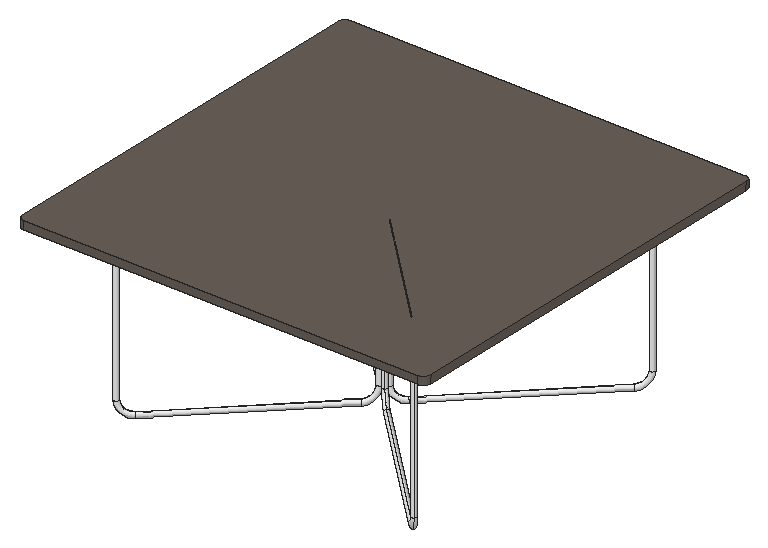
Revit family "Table-Large_Square-Teknion-STKTL_Kogen-R2013", category Furniture, Revit 2013
Parameters (values of type "17 1/2" High")
  Width = 3' - 4"  # constant formula
  Warranty = "http://www.teknionstudio.com/pdfs/Teknion%20Studio%20Warranty.pdf"
  Unit Weight = 51.00 lbf
  URL = "www.teknionstudio.com"
  Table Top Finish [instance] = Veneer - Teknion - WD - Dark Walnut
  Series = "Teknion Studio"
  Salvage or Reuse = yes
  Product Page URL = "http://teknionstudio.com/teknionstudio/"
  Product Line = "Kogen"
  Product Documentation Link = "http://www.teknionstudio.com/pricing/STKTL_ppg.pdf"
  Part Number = "STKTL"
  Model = "STKTLA"
  Manufacturer Phone = "919-464-2920"
  Manufacturer Fax = "919-464-2927"
  Manufacturer Email = "mailto:customersupport@teknionstudio.com"
  Manufacturer Address = "3940 US 70 Business HWY West, Clayton, NC 27520"
  Manufacturer = "Teknion Studio"  # constant formula
  Height = 1' - 6"
  Description = "Kogen Large Square Table 17 1/2\"\"h"
  Depth = Width  # 3' - 4"
  Assembly Code = "E2020200"
Reference planes (in)
  plane 1 "Center F/B": y = 0
  plane 2: z = 0
  plane 3 "Center L/R": x = 0
  plane 4 "Left": x = -20
  plane 5 "Right": x = 20
  plane 6 "Back": y = 20
  plane 7 "Front": y = -20
  plane 8 "Top": z = 18
  plane 9 "Table Bottom": z = 17.25
  plane 10 "Beam Bottom": z = 17.125
  plane 11 "Center SE": through (9.91341, -9.91341, 10.75094) normal (0.7071, 0.7071, 0)
  plane 12 "Center SW": through (-7.874, -7.874, 48) normal (-0.7071, 0.7071, 0)
Forms (in)
  Extrusion 1, solid, material "Veneer - Teknion - WD - Dark Walnut" <- "Table Top Finish"
    sketch origin (0, 0, 0) x (1, 0, 0) y (0, 1, 0)
      loop
        arc (-19.27061, 20) -> (-19.78637, 19.78637) -> (-20, 19.27061) r 0.72939
        line (-20, 19.27061) -> (-20, -19.27061)
        arc (-20, -19.27061) -> (-19.78637, -19.78637) -> (-19.27061, -20) r 0.72939
        line (-19.27061, -20) -> (19.27061, -20)
        arc (19.27061, -20) -> (19.78637, -19.78637) -> (20, -19.27061) r 0.72939
        line (20, -19.27061) -> (20, 19.27061)
        arc (20, 19.27061) -> (19.78637, 19.78637) -> (19.27061, 20) r 0.72939
        line (19.27061, 20) -> (-19.27061, 20)
    from 17.25 to 18
  Sweep 2, solid, material "Metal - Teknion - C6 - Chrome"
    path origin (0, 0, 0) x (-0.707107, -0.707107, 0) y (0, 0, 1)
      loop
        line (-1.82485, 17.00794) -> (-19.17955, 17.00794)
        arc (-19.17955, 17.00794) -> (-20.19954, 16.58545) -> (-20.62203, 15.56546) r 1.44248
        line (-20.62203, 15.56546) -> (-20.62203, 1.68454)
        arc (-20.62203, 1.68454) -> (-20.19954, 0.66455) -> (-19.17955, 0.24206) r 1.44248
        line (-19.17955, 0.24206) -> (-1.82485, 0.24206)
        arc (-1.82485, 0.24206) -> (-0.8052, 0.66441) -> (-0.38285, 1.68406) r 1.442
        line (-0.38285, 1.68406) -> (-0.38285, 15.56594)
        arc (-0.38285, 15.56594) -> (-0.8052, 16.58559) -> (-1.82485, 17.00794) r 1.442
    profile origin (7.42618, 7.42618, 17.00794) x (0, 0, -1) y (-0.707107, 0.707107, 0)
      loop
        circle (0, 0) r 0.24206
  Sweep 3, solid, material "Metal - Teknion - C6 - Chrome"
    path origin (0, 0, 0) x (0, 0, 1) y (0.707107, -0.707107, 0)
      loop
        line (17.00794, 1.82882) -> (17.00794, 19.17606)
        arc (17.00794, 19.17606) -> (16.58443, 20.19852) -> (15.56197, 20.62203) r 1.44597
        line (15.56197, 20.62203) -> (1.68454, 20.62203)
        arc (1.68454, 20.62203) -> (0.66455, 20.19954) -> (0.24206, 19.17955) r 1.44248
        line (0.24206, 19.17955) -> (0.24206, 1.82485)
        arc (0.24206, 1.82485) -> (0.66441, 0.8052) -> (1.68406, 0.38285) r 1.442
        line (1.68406, 0.38285) -> (15.56197, 0.38285)
        arc (15.56197, 0.38285) -> (16.58443, 0.80636) -> (17.00794, 1.82882) r 1.44597
    profile origin (7.42635, -7.42635, 17.00794) x (0, 0, -1) y (0.707107, 0.707107, 0)
      loop
        circle (0, 0) r 0.24206
  Extrusion 4, solid, material "Metal - Teknion - C6 - Chrome"
    sketch origin (0, 0, 0) x (1, 0, 0) y (0, 1, 0)
      loop
        line (-13.43163, 13.72208) -> (-12.45845, 12.7489) -> (12.45828, 12.7489) -> (13.43146, 13.72208) -> (-13.43163, 13.72208)
      loop
        line (-13.72209, -13.43146) -> (-12.74965, -12.45903) -> (-12.74965, 12.4592) -> (-13.72209, 13.43163) -> (-13.72209, -13.43146)
      loop
        line (13.43163, -13.72209) -> (12.45845, -12.74891) -> (-12.45828, -12.74891) -> (-13.43146, -13.72209) -> (13.43163, -13.72209)
      loop
        line (13.72208, 13.43146) -> (12.7489, 12.45828) -> (12.7489, -12.45845) -> (13.72208, -13.43163) -> (13.72208, 13.43146)
    from 17.125 to 17.25
  Sweep 5, solid, material "Metal - Teknion - C6 - Chrome"
    path origin (0, 0, 0) x (0.707107, 0.707107, 0) y (0, 0, 1)
      loop
        line (-1.82485, 17.00794) -> (-19.17955, 17.00794)
        arc (-19.17955, 17.00794) -> (-20.19954, 16.58545) -> (-20.62203, 15.56546) r 1.44248
        line (-20.62203, 15.56546) -> (-20.62203, 1.68454)
        arc (-20.62203, 1.68454) -> (-20.19954, 0.66455) -> (-19.17955, 0.24206) r 1.44248
        line (-19.17955, 0.24206) -> (-1.82485, 0.24206)
        arc (-1.82485, 0.24206) -> (-0.8052, 0.66441) -> (-0.38285, 1.68406) r 1.442
        line (-0.38285, 1.68406) -> (-0.38285, 15.56594)
        arc (-0.38285, 15.56594) -> (-0.8052, 16.58559) -> (-1.82485, 17.00794) r 1.442
    profile origin (-7.42618, -7.42618, 17.00794) x (0, 0, 1) y (-0.707107, 0.707107, 0)
      loop
        circle (0, 0) r 0.24206
  Sweep 6, solid, material "Metal - Teknion - C6 - Chrome"
    path origin (0, 0, 0) x (0, 0, 1) y (-0.707107, 0.707107, 0)
      loop
        line (17.00397, 1.82485) -> (17.00397, 19.18003)
        arc (17.00397, 19.18003) -> (16.58162, 20.19968) -> (15.56197, 20.62203) r 1.442
        line (15.56197, 20.62203) -> (1.68454, 20.62203)
        arc (1.68454, 20.62203) -> (0.66455, 20.19954) -> (0.24206, 19.17955) r 1.44248
        line (0.24206, 19.17955) -> (0.24206, 1.82485)
        arc (0.24206, 1.82485) -> (0.66441, 0.8052) -> (1.68406, 0.38285) r 1.442
        line (1.68406, 0.38285) -> (15.56197, 0.38285)
        arc (15.56197, 0.38285) -> (16.58162, 0.8052) -> (17.00397, 1.82485) r 1.442
    profile origin (-7.42635, 7.42635, 17.00397) x (0, 0, 1) y (0.707107, 0.707107, 0)
      loop
        circle (0, 0) r 0.24206
Lines and regions (in)
  Masking region 1
    outline origin (0, 0, 18) x (-1, 0, 0) y (0, -1, 0)
      loop
        line (20, -19.27061) -> (20, 19.27061)
        arc (20, 19.27061) -> (19.78637, 19.78637) -> (19.27061, 20) r 0.72939
        line (19.27061, 20) -> (-19.27061, 20)
        arc (-19.27061, 20) -> (-19.78637, 19.78637) -> (-20, 19.27061) r 0.72939
        line (-20, 19.27061) -> (-20, -19.27061)
        arc (-20, -19.27061) -> (-19.78637, -19.78637) -> (-19.27061, -20) r 0.72939
        line (-19.27061, -20) -> (19.27061, -20)
        arc (19.27061, -20) -> (19.78637, -19.78637) -> (20, -19.27061) r 0.72939
  symbolic lines, style "Hidden Lines", detail levels fine
    curve 1: line (13.38267, 13.72208, 0) -> (-13.38267, 13.72208, 0)
    curve 2: line (-12.40949, 12.7489, 0) -> (12.40949, 12.7489, 0)
    curve 3: line (-13.72209, 13.38268, 0) -> (-13.72209, -13.38267, 0)
    curve 4: line (-12.74965, -12.41023, 0) -> (-12.74965, 12.41024, 0)
    curve 5: line (12.42633, -12.74891, 0) -> (-12.40949, -12.74891, 0)
    curve 6: line (-13.38267, -13.72209, 0) -> (13.39951, -13.72209, 0)
    curve 7: line (12.7489, 12.40949, 0) -> (12.7489, -12.42633, 0)
    curve 8: line (13.72208, -13.39951, 0) -> (13.72208, 13.38267, 0)
  symbolic lines, style "Hidden Lines", detail levels medium+fine
    curve 9: line (-14.75142, -14.41201, 0) -> (-0.33941, 0, 0)
    curve 10: line (14.75191, 14.4125, 0) -> (0.33941, 0, 0)
    curve 11: line (0, 0.33941, 0) -> (14.41201, 14.75142, 0)
    curve 12: line (0, -0.33941, 0) -> (-14.4125, -14.75191, 0)
    curve 13: line (14.75142, -14.41201, 0) -> (0.33941, 0, 0)
    curve 14: line (0, -0.33941, 0) -> (14.41201, -14.75142, 0)
    curve 15: arc (14.41201, -14.75142, 0) -> (14.75142, -14.75142, 0) -> (14.75142, -14.41201, 0) r 0.24
    curve 16: line (-14.41201, 14.75142, 0) -> (0, 0.33941, 0)
    curve 17: line (-0.33941, 0, 0) -> (-14.75142, 14.41201, 0)
    curve 18: arc (-14.75142, 14.41201, 0) -> (-14.75142, 14.75142, 0) -> (-14.41201, 14.75142, 0) r 0.24
    curve 19: arc (14.41201, 14.75142, 0) -> (14.75118, 14.75166, 0) -> (14.75191, 14.4125, 0) r 0.24
    curve 20: arc (-14.75142, -14.41201, 0) -> (-14.75166, -14.75117, 0) -> (-14.4125, -14.75191, 0) r 0.24
Dimensions and locks (in)
  equal spacing: plane 4 "Left", plane 3 "Center L/R", plane 5 "Right"
  "Width": plane 4 "Left" to plane 5 "Right"
  equal spacing: plane 6 "Back", plane 1 "Center F/B", plane 7 "Front"
  "Depth": plane 6 "Back" to plane 7 "Front"
  locked: plane 8 "Top" to plane 9 "Table Bottom" at 0.75
  locked: plane 9 "Table Bottom" to plane 10 "Beam Bottom" at 0.125
  locked: plane 11 "Center SE" to Sweep 2 sketch curve at 0.38285
  Sweep 2 sketch curve to Sweep 2 sketch curve = 1' - 8.23918"
  Sweep 2 sketch curve to level = 0' - 0.24206"
  Sweep 2 sketch curve to plane 9 "Table Bottom" = 0' - 0.24206"
  locked: plane 12 "Center SW" to Sweep 3 sketch curve at 0.38285
  locked: Sweep 3 sketch curve to Sweep 3 sketch curve at 20.23918
  locked: Sweep 3 sketch curve to level at 0.24206
  locked: plane 9 "Table Bottom" to Sweep 3 sketch curve at 0.24206
  locked: Extrusion 4 sketch curve to Extrusion 4 sketch curve at 27.44417  (x2)
  locked: Extrusion 4 sketch curve to Extrusion 4 sketch curve at 0.97244
  locked: Extrusion 4 sketch curve to Extrusion 4 sketch curve at 0.97318  (x3)
  equal spacing: Extrusion 4 sketch curve, plane 1 "Center F/B", Extrusion 4 sketch curve
  equal spacing: Extrusion 4 sketch curve, plane 3 "Center L/R", Extrusion 4 sketch curve
  locked: Extrusion 4 sketch curve to Extrusion 4 sketch curve at 0.41076
  locked: Extrusion 4 sketch curve to Extrusion 4 sketch curve at 0.411
  equal spacing: Extrusion 4 sketch curve, plane 11 "Center SE", Extrusion 4 sketch curve
  equal spacing: Extrusion 4 sketch curve, plane 12 "Center SW", Extrusion 4 sketch curve
  locked: Sweep 5 sketch curve to Sweep 5 sketch curve at 20.23918
  locked: Sweep 6 sketch curve to level at 0.24206
  locked: plane 10 "Beam Bottom" to Sweep 6 sketch curve at 0.12103
  locked: Sweep 6 sketch curve to plane 12 "Center SW" at 0.38285
  locked: Sweep 6 sketch curve to Sweep 6 sketch curve at 20.23918
  locked: Sweep 5 sketch curve to plane 11 "Center SE" at 0.38285
  locked: Sweep 5 sketch curve to level at 0.24206
  locked: plane 9 "Table Bottom" to Sweep 5 sketch curve at 0.24206
  "Height": plane 8 "Top" to plane 2
  Extrusion 4 sketch curve to plane 12 "Center SW" to Extrusion 4 sketch curve = 0' - 0.2055" locked, 0' - 0.2055" locked
  Extrusion 4 sketch curve to plane 11 "Center SE" to Extrusion 4 sketch curve = 0' - 0.20538" locked, 0' - 0.20538" locked
  curve 13 to plane 11 "Center SE" to curve 14 = 0' - 0.24" locked, 0' - 0.24" locked
  curve 16 to plane 11 "Center SE" to curve 17 = 0' - 0.24" locked, 0' - 0.24" locked
  curve 12 to plane 12 "Center SW" to curve 9 = 0' - 0.24" locked, 0' - 0.24" locked
  curve 10 to plane 12 "Center SW" to curve 11 = 0' - 0.24", 0' - 0.24"
  locked: plane 9 "Table Bottom" to profile plane at 0.24206
  locked: plane 9 "Table Bottom" to Sweep 6 sketch curve at 0.24603
  locked: plane 10 "Beam Bottom" to Sweep 5 sketch curve at 0.11706
  radius of Extrusion 1 sketch curve = 0' - 0.72939"  (x3)
  aligned and locked: plane 2 to level
  aligned and locked: Extrusion 1 sketch curve to plane 6 "Back"
  aligned and locked: plane 4 "Left" to Extrusion 1 sketch curve
  aligned and locked: Extrusion 1 sketch curve to plane 7 "Front"
  aligned and locked: Extrusion 1 sketch curve to plane 5 "Right"
  aligned and locked: plane 8 "Top" to Extrusion 1
  aligned and locked: Extrusion 1 to plane 9 "Table Bottom"
  aligned and locked: plane 9 "Table Bottom" to Extrusion 4
  aligned and locked: Extrusion 4 to plane 10 "Beam Bottom"
  aligned and locked: Masking region 1 sketch curve to Extrusion 1  (x4)
  aligned and locked: Extrusion 4 to curve 1
  aligned and locked: Extrusion 4 to curve 2
  aligned and locked: Extrusion 4 to curve 3
  aligned and locked: Extrusion 4 to curve 4
  aligned and locked: Extrusion 4 to curve 5
  aligned and locked: Extrusion 4 to curve 6
  aligned and locked: Extrusion 4 to curve 7
  aligned and locked: Extrusion 4 to curve 8
  aligned and locked: plane 11 "Center SE" to Sweep 3 sketch curve
  aligned and locked: plane 11 "Center SE" to Sweep 6 sketch curve
  aligned and locked: plane 12 "Center SW" to Sweep 5 sketch curve
Automatic sketch dimensions
  Extrusion 4 sketch curve to Extrusion 4 sketch curve = 0' - 0.29045"
  Extrusion 4 sketch curve to Extrusion 4 sketch curve = 0' - 0.28988"
  Extrusion 1 sketch curve to plane 5 "Right" = 0' - 0.72939"
  Sweep 5 sketch curve to Sweep 5 sketch curve = 0' - 1.44248"  (x2)
  Sweep 5 sketch curve to Sweep 5 sketch curve = 0' - 1.442"
  plane 11 "Center SE" to Sweep 5 sketch curve = 0' - 1.82485"
  curve 18 to plane 11 "Center SE" = 0' - 0"
  curve 20 to curve 6 = 0' - 1.02982"
  curve 18 to curve 1 = 0' - 1.02934"
  curve 20 to curve 20 = 0' - 0.16921"
  curve 18 to curve 18 = 0' - 0.16971"  (x2)
  curve 20 to curve 20 = 0' - 0.16971"
  curve 9 to plane 7 "Front" = 0' - 5.58799"
  curve 5 to curve 7 = 0' - 0.32258"  (x2)
  curve 6 to curve 8 = 0' - 0.32258"  (x2)
  curve 14 to plane 7 "Front" = 0' - 5.24858"
  curve 19 to curve 19 = 0' - 0.16971"
  curve 14 to curve 15 = 0' - 0.16971"
  curve 15 to curve 13 = 0' - 0.16971"
  curve 11 to plane 5 "Right" = 0' - 5.58799"
  curve 20 to curve 20 = 0' - 0.1702"
  curve 8 to curve 19 = 0' - 1.02983"
  curve 19 to curve 19 = 0' - 0.16921"
  Sweep 2 sketch curve to Sweep 2 sketch curve = 0' - 1.44248"  (x2)
  Sweep 2 sketch curve to Sweep 2 sketch curve = 0' - 1.442"
  plane 11 "Center SE" to Sweep 2 sketch curve = 0' - 1.82485"
  Sweep 2 sketch curve to plane 12 "Center SW" = 0' - 0"
  profile plane to Sweep 2 sketch curve = 0' - 0"
  level to Sweep 3 sketch curve = 0' - 1.68406"
  Sweep 3 sketch curve to Sweep 3 sketch curve = 0' - 1.44248"
  Sweep 3 sketch curve to plane 10 "Beam Bottom" = 0' - 1.56303"  (x2)
  Sweep 3 sketch curve to profile plane = 0' - 0"
  Sweep 6 sketch curve to level = 0' - 1.68406"
  Sweep 6 sketch curve to Sweep 6 sketch curve = 0' - 1.44248"
  plane 10 "Beam Bottom" to Sweep 6 sketch curve = 0' - 1.56303"  (x2)
  curve 11 to curve 19 = 0' - 0"
  radius of Sweep 2 sketch curve = 0' - 0.24206"
  radius of Sweep 3 sketch curve = 0' - 0.24206"
  radius of Sweep 5 sketch curve = 0' - 0.24206"
  radius of Sweep 6 sketch curve = 0' - 0.24206"
